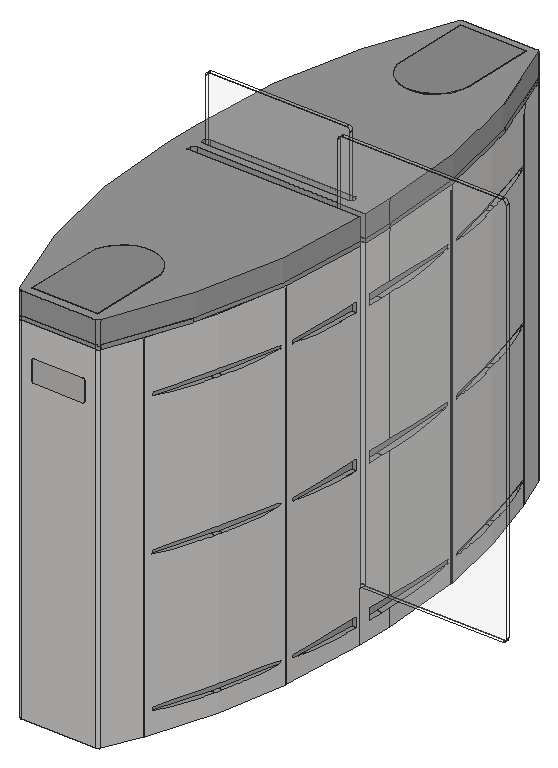
Revit family "CAME_Турникет_Скоростной_SLIDINGGATESG90_РаздвижнойБоковойМодуль", category Специальное оборудование, Revit 2019
Family settings
  Размер круглого соединителя = Использовать диаметр
  Тип детали = Нормальный
  На основе рабочей плоскости = Нет
  Всегда вертикально = Да
  При загрузке вырезать с полостями = Нет
  Общий = Нет
  Точка расчета площади = Нет
Parameters
  Описание = "Боковой модуль раздвижного турникета SLIDING GATE SG90M, оснащенный платой управления и светодиодными указателями прохода и направления. Корпус - нержавеющая сталь. Сервопозиционный электропривод створки с определением препятствий и автоматической разблокировкой при отключении электроэнергии. Створка из 10 мм закаленного стекла. Ширина прохода 900 мм. Высота створки 1200 мм. Время открытия - 1.6 сек."
  Изготовитель = "CAME"  # constant formula
  Группа модели = "Турникеты"
  Watermark [instance] = "Модели защищены уникальным кодом"
  URL = "https://camerussia.com"
  CAME_Тип механизма турникета = "моторизованный"  # constant formula
  CAME_Напряжение электропитания двигателя (В) = 24 V  # constant formula
  CAME_Максимальное количество проходов в минуту = "25"  # constant formula
  CAME_Класс защиты (IP) = "44"  # constant formula
  CAME_Интенсивность использования (%) = "ИНТЕНСИВНОЕ"  # constant formula
  CAME_Диапазон рабочих температур (°C) = "-20 ÷ +68"  # constant formula
  CAME_Время открывания (с) = "1.6"  # constant formula
  BL_Разработано = "support@bimlib.pro"  # constant formula
  BL_Email = "cru.info@came.com"  # constant formula
  BL_BIM library = "https://bimlib.pro/manufacturer/came/cf0b6efe-31e5-4ffa-b7ea-1d6fa84041d4/?tab=products"
  ADSK_Размер_Ширина = 895 mm  # constant formula
  ADSK_Размер_Глубина = 1465 mm  # constant formula
  ADSK_Размер_Высота = 1030 mm  # constant formula
  ADSK_Полная мощность = ADSK_Номинальная мощность / ADSK_Коэффициент мощности  # 40.625 VA
  ADSK_Обозначение = "ТУ 26.30.50-001-89603926-2021"  # constant formula
  ADSK_Номинальная мощность = 39 W  # constant formula
  ADSK_Напряжение = 230 V  # constant formula
  ADSK_Наименование краткое = "Бок. модуль турникета SLIDING GATE SG90M, 900 мм, левый или правый"  # constant formula
  ADSK_Наименование = "Боковой модуль высокоинтенсивного скоростного раздвижного турникета SLIDING GATE SG90M, ширина прохода 900 мм, левый или правый"  # constant formula
  ADSK_Масса_Текст = ""
  ADSK_Масса = 0
  ADSK_Марка = "АРТ:001SG90MS"  # constant formula
  ADSK_Коэффициент мощности = 0.96
  ADSK_Количество фаз = 1  # constant formula
  ADSK_Количество = 1  # constant formula
  ADSK_Код изделия = "Код КСР 26.30.50.119.61.2.07.09"  # constant formula
  ADSK_Классификация нагрузок = Прочее
  ADSK_Завод-изготовитель = "CAME"  # constant formula
  ADSK_Единица измерения = "шт."  # constant formula
  ADSK_Группирование = "SLIDING GATE"  # constant formula
  ADSK_Версия семейства = "1.0"  # constant formula
  ADSK_Версия Revit = "2019"  # constant formula
  ADSK_URL страницы изделия = "https://camerussia.com/product/001sg90ms/"
  ADSK_URL документации изделия = "https://camerussia.com/uploads/support/instructions/files/Инструкция%20Sliding%20Gate%20SG55-SG90.pdf"
Reference planes
  plane 1 "По центру (Вперед/Назад)": y = 0
  plane 2: z = 0
  plane 3 "По центру (Влево/Вправо)": x = 0
  plane 4: y = 732.5
  plane 5: y = -732.5
  plane 6: z = 1030
  plane 7: x = -105
  plane 8: x = 105
  plane 9: x = -105
  plane 10: x = 105
  plane 11: y = 100
  plane 12: y = -100
  plane 13: z = 15
  plane 14: z = 960
  plane 15: z = 70
  plane 16: z = 445
  plane 17: z = 820
  plane 18: y = 632.5
  plane 19: y = -632.5
  plane 20: z = 1200
  plane 21: z = 145
  plane 22: y = 275
  plane 23: y = -275
  plane 24: y = 50
  plane 25: y = -50
  plane 26: x = 640
  plane 27: x = -255
  plane 28: x = 255
Forms (mm)
  Extrusion 1, solid, material "CAME_Сталь_Нержавеющая_AISI 304", detail levels medium
    sketch origin (0, 0, 0) x (1, 0, 0) y (0, 1, 0)
      loop
        arc (-105, 732.5) -> (-217.058, 399.395) -> (-255, 50) r 1627.688
        line (-255, 50) -> (-255, -50)
        arc (-255, -50) -> (-217.058, -399.395) -> (-105, -732.5) r 1627.688
        line (-105, -732.5) -> (105, -732.5)
        arc (105, -732.5) -> (217.058, -399.395) -> (255, -50) r 1627.688
        line (255, -50) -> (255, 50)
        arc (255, 50) -> (217.058, 399.395) -> (105, 732.5) r 1627.688
        line (105, 732.5) -> (-105, 732.5)
    from 0 to 1030
  Extrusion 2, solid, material "CAME_Камень_Гранитный_SGL01", detail levels fine
    sketch origin (-925.693, -1524, 1030) x (-1, 0, 0) y (0, -1, 0)
      loop
        arc (-818.009, -797.343) -> (-821.699, -793.087) -> (-827.104, -791.5) r 10
        line (-827.104, -791.5) -> (-1024.283, -791.5)
        arc (-1024.283, -791.5) -> (-1029.688, -793.087) -> (-1033.378, -797.343) r 10
        arc (-1033.378, -797.343) -> (-1143.438, -1127.746) -> (-1180.693, -1474) r 1627.687
        line (-1180.693, -1474) -> (-1180.693, -1574)
        arc (-1180.693, -1574) -> (-1143.438, -1920.254) -> (-1033.378, -2250.657) r 1627.687
        arc (-1033.378, -2250.657) -> (-1029.688, -2254.913) -> (-1024.283, -2256.5) r 10
        line (-1024.283, -2256.5) -> (-827.104, -2256.5)
        arc (-827.104, -2256.5) -> (-821.699, -2254.913) -> (-818.009, -2250.657) r 10
        arc (-818.009, -2250.657) -> (-707.949, -1920.254) -> (-670.693, -1574) r 1627.687
        line (-670.693, -1574) -> (-670.693, -1474)
        arc (-670.693, -1474) -> (-707.949, -1127.746) -> (-818.009, -797.343) r 1627.687
    from 0 to -60
  Extrusion 3, solid, material "CAME_Стекло_Закаленное", detail levels fine
    sketch origin (0, 0, 0) x (1, 0, 0) y (0, 0, 1)
      loop
        arc (-182.5, 1200) -> (-189.571, 1197.071) -> (-192.5, 1190) r 10
        line (-192.5, 1190) -> (-192.5, 960) -> (192.5, 960) -> (192.5, 1190)
        arc (192.5, 1190) -> (189.571, 1197.071) -> (182.5, 1200) r 10
        line (182.5, 1200) -> (-182.5, 1200)
    from -5 to 5
  Extrusion 4, solid, material "CAME_Стекло_Закаленное_Черное", detail levels medium+fine
    sketch origin (-925.693, -1524, 1030) x (-1, 0, 0) y (0, -1, 0)
      loop
        line (-838.193, -811.5) -> (-1013.193, -811.5) -> (-1013.193, -1004)
        arc (-1013.193, -1004) -> (-925.693, -1091.5) -> (-838.193, -1004) r 87.5
        line (-838.193, -1004) -> (-838.193, -811.5)
      loop
        line (-838.193, -2236.5) -> (-838.193, -2044)
        arc (-838.193, -2044) -> (-925.693, -1956.5) -> (-1013.193, -2044) r 87.5
        line (-1013.193, -2044) -> (-1013.193, -2236.5) -> (-838.193, -2236.5)
    from 0 to 2
  Extrusion 5, solid, material "CAME_Стекло_Закаленное_Черное", detail levels medium+fine
    sketch origin (866.16, -732.5, 1200) x (1, 0, 0) y (0, 0, 1)
      loop
        arc (-931.16, -320) -> (-934.695, -321.464) -> (-936.16, -325) r 5
        line (-936.16, -325) -> (-936.16, -375)
        arc (-936.16, -375) -> (-934.695, -378.536) -> (-931.16, -380) r 5
        line (-931.16, -380) -> (-801.16, -380)
        arc (-801.16, -380) -> (-797.624, -378.536) -> (-796.16, -375) r 5
        line (-796.16, -375) -> (-796.16, -325)
        arc (-796.16, -325) -> (-797.624, -321.464) -> (-801.16, -320) r 5
        line (-801.16, -320) -> (-931.16, -320)
    from 0 to 2
  Extrusion 6, solid, material "CAME_Стекло_Закаленное_Черное", detail levels medium+fine
    sketch origin (-872.529, 732.5, 1200) x (-1, 0, 0) y (0, 0, 1)
      loop
        arc (-937.529, -320) -> (-941.064, -321.464) -> (-942.529, -325) r 5
        line (-942.529, -325) -> (-942.529, -375)
        arc (-942.529, -375) -> (-941.064, -378.536) -> (-937.529, -380) r 5
        line (-937.529, -380) -> (-807.529, -380)
        arc (-807.529, -380) -> (-803.993, -378.536) -> (-802.529, -375) r 5
        line (-802.529, -375) -> (-802.529, -325)
        arc (-802.529, -325) -> (-803.993, -321.464) -> (-807.529, -320) r 5
        line (-807.529, -320) -> (-937.529, -320)
    from 0 to 2
  Extrusion 7, solid, material "CAME_Сталь_Нержавеющая_AISI 304", detail levels fine
    sketch origin (0, 0, 0) x (1, 0, 0) y (0, 1, 0)
      loop
        circle (200, -275) r 25
      loop
        circle (-200, -275) r 25
      loop
        circle (200, 275) r 25
      loop
        circle (-200, 275) r 25
      loop
        circle (0, -682.5) r 25
      loop
        circle (0, 682.5) r 25
    from 0 to 15
  Extrusion 8, solid, material "Воздух", detail levels fine
    sketch origin (349.639, -1524, 960) x (0, -1, 0) y (-1, 0, 0)
      loop
        line (-2256.5, 448.228) -> (-2256.5, 251.049)
        arc (-2256.5, 251.049) -> (-2254.913, 245.644) -> (-2250.657, 241.954) r 10
        arc (-2250.657, 241.954) -> (-1920.254, 131.894) -> (-1574, 94.639) r 1627.687
        line (-1574, 94.639) -> (-1474, 94.639)
        arc (-1474, 94.639) -> (-1127.746, 131.894) -> (-797.343, 241.954) r 1627.687
        arc (-797.343, 241.954) -> (-793.087, 245.644) -> (-791.5, 251.049) r 10
        line (-791.5, 251.049) -> (-791.5, 448.228)
        arc (-791.5, 448.228) -> (-793.087, 453.633) -> (-797.343, 457.323) r 10
        arc (-797.343, 457.323) -> (-1127.746, 567.383) -> (-1474, 604.639) r 1627.687
        line (-1474, 604.639) -> (-1574, 604.639)
        arc (-1574, 604.639) -> (-1920.254, 567.383) -> (-2250.657, 457.323) r 1627.687
        arc (-2250.657, 457.323) -> (-2254.913, 453.633) -> (-2256.5, 448.228) r 10
    from -10 to 0
  Extrusion 9, solid, material "Индикатор синий", detail levels fine
    sketch origin (349.639, -1524, 960) x (0, -1, 0) y (-1, 0, 0)
      loop
        arc (-2256.5, 251.049) -> (-2254.913, 245.644) -> (-2250.657, 241.954) r 10
        arc (-2250.657, 241.954) -> (-2148.653, 199.454) -> (-2044, 163.972) r 1627.687
        line (-2044, 163.972) -> (-2044, 535.305)
        arc (-2044, 535.305) -> (-2148.653, 499.824) -> (-2250.657, 457.323) r 1627.687
        arc (-2250.657, 457.323) -> (-2254.913, 453.633) -> (-2256.5, 448.228) r 10
        line (-2256.5, 448.228) -> (-2256.5, 251.049)
      loop
        line (-791.5, 251.049) -> (-791.5, 448.228)
        arc (-791.5, 448.228) -> (-793.087, 453.633) -> (-797.343, 457.323) r 10
        arc (-797.343, 457.323) -> (-899.347, 499.824) -> (-1004, 535.305) r 1627.687
        line (-1004, 535.305) -> (-1004, 163.972)
        arc (-1004, 163.972) -> (-899.347, 199.454) -> (-797.343, 241.954) r 1627.687
        arc (-797.343, 241.954) -> (-793.087, 245.644) -> (-791.5, 251.049) r 10
    from -10 to 0
  Extrusion 10, void
    sketch origin (-925.693, -1524, 1030) x (-1, 0, 0) y (0, -1, 0)
      loop
        line (-720.693, -1474) -> (-1180.693, -1474) -> (-1180.693, -1494) -> (-730.693, -1494)
        arc (-730.693, -1494) -> (-723.622, -1491.071) -> (-720.693, -1484) r 10
        line (-720.693, -1484) -> (-720.693, -1474)
      loop
        arc (-733.193, -1534) -> (-723.193, -1524) -> (-733.193, -1514) r 10
        line (-733.193, -1514) -> (-1118.193, -1514)
        arc (-1118.193, -1514) -> (-1128.193, -1524) -> (-1118.193, -1534) r 10
        line (-1118.193, -1534) -> (-733.193, -1534)
    from -885 to 0
  Extrusion 11, solid, material "CAME_Стекло_Закаленное", detail levels medium
    sketch origin (0, 0, 0) x (1, 0, 0) y (0, 0, 1)
      loop
        line (-192.5, 1030) -> (192.5, 1030) -> (192.5, 1190)
        arc (192.5, 1190) -> (189.571, 1197.071) -> (182.5, 1200) r 10
        line (182.5, 1200) -> (-182.5, 1200)
        arc (-182.5, 1200) -> (-189.571, 1197.071) -> (-192.5, 1190) r 10
        line (-192.5, 1190) -> (-192.5, 1030)
    from -5 to 5
  Extrusion 12, solid, material "CAME_Стекло_Закаленное", detail levels fine
    sketch origin (268.229, -50, 1200) x (1, 0, 0) y (0, 0, 1)
      loop
        arc (-65.729, 0) -> (-72.8, -2.929) -> (-75.729, -10) r 10
        line (-75.729, -10) -> (-75.729, -1055) -> (361.771, -1055)
        arc (361.771, -1055) -> (368.842, -1052.071) -> (371.771, -1045) r 10
        line (371.771, -1045) -> (371.771, -10)
        arc (371.771, -10) -> (368.842, -2.929) -> (361.771, 0) r 10
        line (361.771, 0) -> (-65.729, 0)
    from -15 to -5
  Extrusion 13, solid, material "CAME_Стекло_Закаленное", detail levels medium
    sketch origin (268.229, -50, 1200) x (1, 0, 0) y (0, 0, 1)
      loop
        line (-75.729, -10) -> (-75.729, -170) -> (-13.229, -170) -> (-13.229, -1055) -> (361.771, -1055)
        arc (361.771, -1055) -> (368.842, -1052.071) -> (371.771, -1045) r 10
        line (371.771, -1045) -> (371.771, -10)
        arc (371.771, -10) -> (368.842, -2.929) -> (361.771, 0) r 10
        line (361.771, 0) -> (-65.729, 0)
        arc (-65.729, 0) -> (-72.8, -2.929) -> (-75.729, -10) r 10
    from -15 to -5
  Extrusion 14, solid, material "CAME_Сталь_Нержавеющая_AISI 304", detail levels fine
    sketch origin (-363.045, -1524, 15) x (-1, 0, 0) y (0, -1, 0)
      loop
        line (-264.455, -791.5) -> (-461.634, -791.5)
        arc (-461.634, -791.5) -> (-467.039, -793.087) -> (-470.729, -797.343) r 10
        arc (-470.729, -797.343) -> (-490.936, -843.42) -> (-509.708, -890.1) r 1627.688
        arc (-509.708, -890.1) -> (-508.845, -892.037) -> (-510.782, -892.901) r 1.5
        arc (-510.782, -892.901) -> (-566.501, -1067.628) -> (-602.21, -1247.514) r 1627.688
        arc (-602.21, -1247.514) -> (-600.933, -1249.207) -> (-602.625, -1250.486) r 1.5
        arc (-602.625, -1250.486) -> (-614.185, -1361.977) -> (-618.045, -1474) r 1627.688
        line (-618.045, -1474) -> (-618.045, -1574)
        arc (-618.045, -1574) -> (-614.185, -1686.023) -> (-602.625, -1797.514) r 1627.688
        arc (-602.625, -1797.514) -> (-600.933, -1798.793) -> (-602.21, -1800.486) r 1.5
        arc (-602.21, -1800.486) -> (-566.501, -1980.372) -> (-510.782, -2155.099) r 1627.687
        arc (-510.782, -2155.099) -> (-508.845, -2155.963) -> (-509.708, -2157.9) r 1.5
        arc (-509.708, -2157.9) -> (-490.936, -2204.58) -> (-470.729, -2250.657) r 1627.688
        arc (-470.729, -2250.657) -> (-467.039, -2254.913) -> (-461.634, -2256.5) r 10
        line (-461.634, -2256.5) -> (-264.455, -2256.5)
        arc (-264.455, -2256.5) -> (-259.05, -2254.913) -> (-255.36, -2250.657) r 10
        arc (-255.36, -2250.657) -> (-235.154, -2204.58) -> (-216.381, -2157.9) r 1627.688
        arc (-216.381, -2157.9) -> (-217.245, -2155.963) -> (-215.308, -2155.099) r 1.5
        arc (-215.308, -2155.099) -> (-159.589, -1980.372) -> (-123.879, -1800.486) r 1627.687
        arc (-123.879, -1800.486) -> (-125.157, -1798.793) -> (-123.464, -1797.514) r 1.5
        arc (-123.464, -1797.514) -> (-111.904, -1686.023) -> (-108.045, -1574) r 1627.688
        line (-108.045, -1574) -> (-108.045, -1474)
        arc (-108.045, -1474) -> (-111.904, -1361.977) -> (-123.464, -1250.486) r 1627.688
        arc (-123.464, -1250.486) -> (-125.157, -1249.207) -> (-123.879, -1247.514) r 1.5
        arc (-123.879, -1247.514) -> (-159.589, -1067.628) -> (-215.308, -892.901) r 1627.688
        arc (-215.308, -892.901) -> (-217.245, -892.037) -> (-216.381, -890.1) r 1.5
        arc (-216.381, -890.1) -> (-235.154, -843.42) -> (-255.36, -797.343) r 1627.688
        arc (-255.36, -797.343) -> (-259.05, -793.087) -> (-264.455, -791.5) r 10
    from 945 to -5
  Extrusion 15, void
    sketch origin (237.874, 275, 15) x (-0.249662, 0.968333, 0) y (0, 0, 1)
      loop
        arc (347.979, 800.043) -> (352.326, 805) -> (347.979, 809.957) r 5
        arc (347.979, 809.957) -> (271.141, 813.739) -> (194.221, 815) r 2346.62
        line (194.221, 815) -> (174.221, 815)
        arc (174.221, 815) -> (97.301, 813.739) -> (20.463, 809.957) r 2346.62
        arc (20.463, 809.957) -> (16.116, 805) -> (20.463, 800.043) r 5
        arc (20.463, 800.043) -> (97.301, 796.261) -> (174.221, 795) r 2346.62
        line (174.221, 795) -> (194.221, 795)
        arc (194.221, 795) -> (271.141, 796.261) -> (347.979, 800.043) r 2346.62
      loop
        arc (347.979, 425.043) -> (352.326, 430) -> (347.979, 434.957) r 5
        arc (347.979, 434.957) -> (271.141, 438.739) -> (194.221, 440) r 2346.62
        line (194.221, 440) -> (174.221, 440)
        arc (174.221, 440) -> (97.301, 438.739) -> (20.463, 434.957) r 2346.62
        arc (20.463, 434.957) -> (16.116, 430) -> (20.463, 425.043) r 5
        arc (20.463, 425.043) -> (97.301, 421.261) -> (174.221, 420) r 2346.62
        line (174.221, 420) -> (194.221, 420)
        arc (194.221, 420) -> (271.141, 421.261) -> (347.979, 425.043) r 2346.62
      loop
        arc (347.979, 50.043) -> (352.326, 55) -> (347.979, 59.957) r 5
        arc (347.979, 59.957) -> (271.141, 63.739) -> (194.221, 65) r 2346.62
        line (194.221, 65) -> (174.221, 65)
        arc (174.221, 65) -> (97.301, 63.739) -> (20.463, 59.957) r 2346.62
        arc (20.463, 59.957) -> (16.116, 55) -> (20.463, 50.043) r 5
        arc (20.463, 50.043) -> (97.301, 46.261) -> (174.221, 45) r 2346.62
        line (174.221, 45) -> (194.221, 45)
        arc (194.221, 45) -> (271.141, 46.261) -> (347.979, 50.043) r 2346.62
    from 0 to 15
  Extrusion 16, void
    sketch origin (237.874, -275, 15) x (-0.249662, -0.968333, 0) y (0, 0, -1)
      loop
        arc (347.979, -800.043) -> (271.141, -796.261) -> (194.221, -795) r 2346.62
        line (194.221, -795) -> (174.221, -795)
        arc (174.221, -795) -> (97.301, -796.261) -> (20.463, -800.043) r 2346.62
        arc (20.463, -800.043) -> (16.116, -805) -> (20.463, -809.957) r 5
        arc (20.463, -809.957) -> (97.301, -813.739) -> (174.221, -815) r 2346.62
        line (174.221, -815) -> (194.221, -815)
        arc (194.221, -815) -> (271.141, -813.739) -> (347.979, -809.957) r 2346.62
        arc (347.979, -809.957) -> (352.326, -805) -> (347.979, -800.043) r 5
      loop
        arc (347.979, -425.043) -> (271.141, -421.261) -> (194.221, -420) r 2346.62
        line (194.221, -420) -> (174.221, -420)
        arc (174.221, -420) -> (97.301, -421.261) -> (20.463, -425.043) r 2346.62
        arc (20.463, -425.043) -> (16.116, -430) -> (20.463, -434.957) r 5
        arc (20.463, -434.957) -> (97.301, -438.739) -> (174.221, -440) r 2346.62
        line (174.221, -440) -> (194.221, -440)
        arc (194.221, -440) -> (271.141, -438.739) -> (347.979, -434.957) r 2346.62
        arc (347.979, -434.957) -> (352.326, -430) -> (347.979, -425.043) r 5
      loop
        arc (347.979, -50.043) -> (271.141, -46.261) -> (194.221, -45) r 2346.62
        line (194.221, -45) -> (174.221, -45)
        arc (174.221, -45) -> (97.301, -46.261) -> (20.463, -50.043) r 2346.62
        arc (20.463, -50.043) -> (16.116, -55) -> (20.463, -59.957) r 5
        arc (20.463, -59.957) -> (97.301, -63.739) -> (174.221, -65) r 2346.62
        line (174.221, -65) -> (194.221, -65)
        arc (194.221, -65) -> (271.141, -63.739) -> (347.979, -59.957) r 2346.62
        arc (347.979, -59.957) -> (352.326, -55) -> (347.979, -50.043) r 5
    from 0 to 15
  Extrusion 17, void
    sketch origin (255, 848.351, 1200) x (0, 1, 0) y (0, 0, 1)
      loop
        arc (-1103.987, -375.041) -> (-1108.351, -380) -> (-1103.987, -384.959) r 5
        arc (-1103.987, -384.959) -> (-1006.255, -391.565) -> (-908.351, -394.711) r 2769.999
        line (-908.351, -394.711) -> (-908.351, -365.289)
        arc (-908.351, -365.289) -> (-1006.255, -368.435) -> (-1103.987, -375.041) r 2769.999
      loop
        arc (-592.7, -375.042) -> (-707.916, -367.512) -> (-823.351, -365) r 2653.749
        line (-823.351, -365) -> (-868.351, -365) -> (-868.351, -395) -> (-823.351, -395)
        arc (-823.351, -395) -> (-707.916, -392.488) -> (-592.7, -384.958) r 2653.749
        arc (-592.7, -384.958) -> (-588.351, -380) -> (-592.7, -375.042) r 5
      loop
        arc (-1103.987, -750.041) -> (-1108.351, -755) -> (-1103.987, -759.959) r 5
        arc (-1103.987, -759.959) -> (-1006.255, -766.565) -> (-908.351, -769.711) r 2769.999
        line (-908.351, -769.711) -> (-908.351, -740.289)
        arc (-908.351, -740.289) -> (-1006.255, -743.435) -> (-1103.987, -750.041) r 2769.999
      loop
        arc (-592.7, -750.042) -> (-707.916, -742.512) -> (-823.351, -740) r 2653.749
        line (-823.351, -740) -> (-868.351, -740) -> (-868.351, -770) -> (-823.351, -770)
        arc (-823.351, -770) -> (-707.916, -767.488) -> (-592.7, -759.958) r 2653.749
        arc (-592.7, -759.958) -> (-588.351, -755) -> (-592.7, -750.042) r 5
      loop
        arc (-1103.987, -1125.041) -> (-1108.351, -1130) -> (-1103.987, -1134.959) r 5
        arc (-1103.987, -1134.959) -> (-1006.255, -1141.565) -> (-908.351, -1144.711) r 2769.999
        line (-908.351, -1144.711) -> (-908.351, -1115.289)
        arc (-908.351, -1115.289) -> (-1006.255, -1118.435) -> (-1103.987, -1125.041) r 2769.999
      loop
        arc (-592.7, -1125.042) -> (-707.916, -1117.512) -> (-823.351, -1115) r 2653.749
        line (-823.351, -1115) -> (-868.351, -1115) -> (-868.351, -1145) -> (-823.351, -1145)
        arc (-823.351, -1145) -> (-707.916, -1142.488) -> (-592.7, -1134.958) r 2653.749
        arc (-592.7, -1134.958) -> (-588.351, -1130) -> (-592.7, -1125.042) r 5
    from 1 to -15
Cuts and joins
  Extrusion 10 cuts Extrusion 2
  Extrusion 10 cuts Extrusion 8
  Extrusion 10, Extrusion 15, Extrusion 16, Extrusion 17 cuts Extrusion 14
Lines and regions (mm)
  model lines, style "CAME", detail levels coarse
    curve 1: line (-105, 732.5, 0) -> (105, 732.5, 0)
    curve 2: line (-255, -50, 0) -> (-255, 50, 0)
    curve 3: line (105, -732.5, 0) -> (-105, -732.5, 0)
    curve 4: line (255, 50, 0) -> (255, -50, 0)
    curve 5: line (255, -50, 0) -> (640, -50, 0)
    curve 7: arc (105, 732.5, 0) -> (217.058, 399.395, 0) -> (255, 50, 0) r 1627.688
    curve 8: arc (-105, 732.5, 0) -> (-217.058, 399.395, 0) -> (-255, 50, 0) r 1627.688
    curve 9: arc (105, -732.5, 0) -> (217.058, -399.395, 0) -> (255, -50, 0) r 1627.688
    curve 10: arc (-105, -732.5, 0) -> (-217.058, -399.395, 0) -> (-255, -50, 0) r 1627.688
  reference lines
    curve 6: line (237.874, 275, 15) -> (145.701, 632.5, 15)
Dimensions and locks
  equal spacing: plane 5, plane 1 "По центру (Вперед/Назад)", plane 4
  "ADSK_Размер_Глубина": plane 5 to plane 4
  "ADSK_Размер_Высота": plane 6 to plane 2
  plane 7 to plane 3 "По центру (Влево/Вправо)" to plane 8 = 105 mm locked, 105 mm locked
  plane 9 to plane 3 "По центру (Влево/Вправо)" to plane 10 = 105 mm locked, 105 mm locked
  plane 11 to plane 1 "По центру (Вперед/Назад)" to plane 12 = 100 mm locked, 100 mm locked
  locked: plane 13 to plane 2 at 15
  locked: plane 6 to plane 14 at 70
  plane 17 to plane 16 to plane 15 to plane 2 = 375 mm locked, 375 mm locked, 70 mm locked
  locked: plane 5 to plane 19 at 100
  locked: plane 18 to plane 4 at 100
  plane 5 to Extrusion 4 sketch curve to Extrusion 4 sketch curve = 20 mm locked, 192.5 mm locked
  Extrusion 4 sketch curve to plane 3 "По центру (Влево/Вправо)" to Extrusion 4 sketch curve = 87.5 mm locked, 87.5 mm locked
  plane 4 to Extrusion 4 sketch curve to Extrusion 4 sketch curve = 20 mm locked, 192.5 mm locked
  plane 6 to Extrusion 5 sketch curve to Extrusion 5 sketch curve = 150 mm locked, 60 mm locked
  Extrusion 5 sketch curve to plane 3 "По центру (Влево/Вправо)" to Extrusion 5 sketch curve = 70 mm locked, 70 mm locked
  locked: plane 20 to plane 2 at 1200
  locked: plane 21 to plane 2 at 145
  plane 22 to plane 1 "По центру (Вперед/Назад)" to plane 23 = 275 mm locked, 275 mm locked
  plane 25 to plane 1 "По центру (Вперед/Назад)" to plane 24 = 50 mm locked, 50 mm locked
  Extrusion 10 sketch curve to plane 1 "По центру (Вперед/Назад)" to Extrusion 10 sketch curve = 10 mm locked, 10 mm locked
  Extrusion 10 sketch curve to plane 3 "По центру (Влево/Вправо)" to Extrusion 10 sketch curve = 192.5 mm locked, 192.5 mm locked
  Extrusion 3 sketch curve to plane 3 "По центру (Влево/Вправо)" to Extrusion 3 sketch curve = 192.5 mm locked, 192.5 mm locked
  plane 27 to plane 3 "По центру (Влево/Вправо)" to plane 28 = 255 mm locked, 255 mm locked
  locked: plane 5 to Extrusion 7 sketch curve at 50
  locked: plane 4 to Extrusion 7 sketch curve at 50
  Extrusion 7 sketch curve to plane 3 "По центру (Влево/Вправо)" to Extrusion 7 sketch curve = 200 mm locked, 200 mm locked  (x2)
  "ADSK_Размер_Ширина": plane 27 to plane 26
  radius of Extrusion 5 sketch curve = 5 mm  (x4)
  radius of Extrusion 10 sketch curve = 10 mm
  radius of Extrusion 12 sketch curve = 10 mm  (x3)
  radius of Extrusion 14 sketch curve = 10 mm  (x4)
  aligned and locked: level to plane 2
  aligned and locked: Extrusion 1 sketch curve to plane 4
  aligned and locked: plane 5 to Extrusion 1 sketch curve
  aligned and locked: plane 6 to Extrusion 1
  aligned and locked: curve 1 to plane 4
  aligned and locked: curve 3 to plane 5
  aligned and locked: Extrusion 4 sketch curve to Extrusion 4 sketch curve  (x2)
  aligned and locked: Extrusion 6 sketch curve to Extrusion 5  (x4)
  aligned and locked: plane 25 to Extrusion 10 sketch curve
  aligned and locked: Extrusion 10 to plane 21
  aligned and locked: plane 6 to Extrusion 10
  aligned and locked: Extrusion 3 sketch curve to plane 14
  aligned and locked: Extrusion 3 sketch curve to plane 20
  aligned and locked: Extrusion 11 sketch curve to Extrusion 3  (x2)
  aligned and locked: plane 6 to Extrusion 11 sketch curve
  aligned and locked: Extrusion 12 sketch curve to plane 26
  aligned and locked: Extrusion 12 sketch curve to Extrusion 11
  aligned and locked: Extrusion 12 sketch curve to plane 20
  aligned and locked: Extrusion 12 sketch curve to plane 21
  aligned and locked: Extrusion 13 sketch curve to Extrusion 12  (x3)
  aligned and locked: Extrusion 12 to Extrusion 13 sketch curve
  aligned and locked: Extrusion 13 sketch curve to plane 6
  aligned and locked: plane 26 to curve 5
  aligned and locked: plane 25 to curve 5
  aligned and locked: Extrusion 8 sketch curve to cut or joined group of Extrusion 2, Extrusion 10  (x8)
  aligned and locked: Extrusion 9 sketch curve to cut or joined group of Extrusion 8, Extrusion 10  (x8)
  aligned and locked: Extrusion 1 sketch curve to plane 28
  aligned and locked: Extrusion 1 sketch curve to plane 27
  aligned and locked: plane 28 to Extrusion 10 sketch curve
  aligned and locked: plane 28 to Extrusion 13 sketch curve
  aligned and locked: Extrusion 14 sketch curve to plane 4
  aligned and locked: Extrusion 14 sketch curve to plane 24
  aligned and locked: Extrusion 14 sketch curve to plane 25
  aligned and locked: plane 5 to Extrusion 14 sketch curve
  aligned and locked: Extrusion 14 to plane 14
  aligned and locked: plane 3 "По центру (Влево/Вправо)" to Extrusion 7 sketch curve  (x2)
  aligned and locked: plane 23 to Extrusion 7 sketch curve  (x2)
  aligned and locked: plane 22 to Extrusion 7 sketch curve  (x2)
  aligned and locked: curve 2 to plane 27
  aligned and locked: curve 4 to plane 28
  aligned and locked: plane 9 to curve 10
  aligned and locked: plane 10 to curve 9
  aligned and locked: plane 24 to curve 7
  aligned and locked: curve 10 to plane 25
  aligned and locked: plane 9 to curve 8
  aligned and locked: plane 10 to curve 7
  aligned and locked: plane 27 to Extrusion 14 sketch curve
  aligned and locked: Extrusion 14 sketch curve to plane 28
  aligned and locked: plane 24 to Extrusion 14 sketch curve
  aligned and locked: plane 25 to Extrusion 14 sketch curve
  aligned and locked: plane 18 to Extrusion 14 sketch curve
  aligned and locked: plane 22 to Extrusion 14 sketch curve
  aligned and locked: plane 23 to Extrusion 14 sketch curve
  aligned and locked: plane 19 to Extrusion 14 sketch curve
Automatic sketch dimensions
  Extrusion 1 sketch curve to plane 24 = 0 mm
  Extrusion 1 sketch curve to plane 25 = 0 mm
  Extrusion 1 sketch curve to plane 7 = 0 mm  (x2)
  Extrusion 1 sketch curve to plane 8 = 0 mm  (x2)
  plane 25 to Extrusion 1 sketch curve = 0 mm
  plane 24 to Extrusion 1 sketch curve = 0 mm
  Extrusion 3 sketch curve to Extrusion 3 sketch curve = 10 mm  (x2)
  Extrusion 9 sketch curve to plane 28 = 69.334 mm  (x2)
  curve 6 to plane 22 = 0 mm
  plane 18 to curve 6 = 0 mm
  curve 6 to plane 28 = 17.126 mm
  curve 6 to plane 10 = 40.701 mm
  curve 6 to Extrusion 15 sketch curve = 21.116 mm  (x3)
  Extrusion 15 sketch curve to curve 6 = 65 mm
  Extrusion 15 sketch curve to Extrusion 15 sketch curve = 153.105 mm
  curve 6 to Extrusion 15 sketch curve = 174.221 mm  (x2)
  Extrusion 15 sketch curve to Extrusion 15 sketch curve = 0 mm  (x11)
  Extrusion 15 sketch curve to Extrusion 15 sketch curve = 20 mm  (x9)
  Extrusion 15 sketch curve to curve 6 = 21.865 mm  (x3)
  curve 6 to Extrusion 15 sketch curve = 55 mm
  Extrusion 15 sketch curve to curve 6 = 55 mm
  Extrusion 15 sketch curve to curve 6 = 1531.62 mm
  Extrusion 15 sketch curve to curve 6 = 1906.62 mm
  Extrusion 15 sketch curve to curve 6 = 2281.62 mm
  curve 6 to Extrusion 15 sketch curve = 420 mm
  curve 6 to Extrusion 15 sketch curve = 430 mm
  Extrusion 15 sketch curve to Extrusion 15 sketch curve = 10 mm  (x2)
  curve 6 to Extrusion 15 sketch curve = 795 mm
  curve 6 to Extrusion 15 sketch curve = 805 mm
  curve 6 to Extrusion 15 sketch curve = 2391.62 mm
  curve 6 to Extrusion 15 sketch curve = 2766.62 mm
  curve 6 to Extrusion 15 sketch curve = 3141.62 mm
  Extrusion 15 sketch curve to Extrusion 15 sketch curve = 0.652 mm  (x6)
  plane 17 to Extrusion 16 sketch curve = 0 mm  (x2)
  plane 16 to Extrusion 16 sketch curve = 0 mm  (x2)
  plane 15 to Extrusion 16 sketch curve = 0 mm  (x2)
  Extrusion 16 sketch curve to Extrusion 16 sketch curve = 0 mm  (x14)
  Extrusion 16 sketch curve to plane 15 = 10 mm
  Extrusion 16 sketch curve to Extrusion 16 sketch curve = 153.105 mm  (x5)
  plane 15 to Extrusion 16 sketch curve = 10 mm
  Extrusion 16 sketch curve to Extrusion 16 sketch curve = 20 mm  (x7)
  plane 17 to Extrusion 16 sketch curve = 10 mm
  Extrusion 16 sketch curve to plane 17 = 10 mm
  plane 20 to Extrusion 16 sketch curve = 1206.62 mm
  Extrusion 16 sketch curve to Extrusion 16 sketch curve = 375 mm  (x4)
  Extrusion 16 sketch curve to plane 16 = 10 mm
  Extrusion 16 sketch curve to level = 1516.62 mm
  plane 15 to Extrusion 16 sketch curve = 4.957 mm  (x2)
  Extrusion 16 sketch curve to plane 16 = 4.957 mm  (x2)
  Extrusion 16 sketch curve to plane 17 = 4.957 mm
  plane 17 to Extrusion 16 sketch curve = 4.957 mm
  plane 17 to Extrusion 17 sketch curve = 0 mm  (x2)
  plane 15 to Extrusion 17 sketch curve = 0 mm  (x2)
  plane 16 to Extrusion 17 sketch curve = 0 mm  (x2)
  Extrusion 17 sketch curve to plane 23 = 20 mm  (x3)
  plane 25 to Extrusion 17 sketch curve = 10 mm  (x3)
  plane 1 "По центру (Вперед/Назад)" to Extrusion 17 sketch curve = 20 mm  (x9)
  Extrusion 17 sketch curve to plane 1 "По центру (Вперед/Назад)" = 25 mm  (x6)
  Extrusion 17 sketch curve to plane 22 = 20 mm  (x3)
  plane 15 to Extrusion 17 sketch curve = 14.711 mm
  plane 15 to Extrusion 17 sketch curve = 15 mm
  Extrusion 17 sketch curve to level = 1818.749 mm
  Extrusion 17 sketch curve to Extrusion 17 sketch curve = 116.25 mm  (x6)
  Extrusion 17 sketch curve to Extrusion 17 sketch curve = 258.75 mm  (x4)
  Extrusion 17 sketch curve to Extrusion 17 sketch curve = 29.422 mm  (x3)
  Extrusion 17 sketch curve to Extrusion 17 sketch curve = 30 mm  (x3)
  plane 16 to Extrusion 17 sketch curve = 15 mm
  plane 16 to Extrusion 17 sketch curve = 14.711 mm
  plane 17 to Extrusion 17 sketch curve = 15 mm
  plane 17 to Extrusion 17 sketch curve = 14.711 mm
  plane 20 to Extrusion 17 sketch curve = 1508.749 mm
  Extrusion 17 sketch curve to plane 16 = 4.959 mm
  Extrusion 17 sketch curve to plane 17 = 4.959 mm
  Extrusion 17 sketch curve to plane 15 = 4.959 mm
  Extrusion 17 sketch curve to Extrusion 17 sketch curve = 0.65 mm
  Extrusion 17 sketch curve to plane 15 = 4.958 mm
  plane 16 to Extrusion 17 sketch curve = 4.958 mm
  Extrusion 17 sketch curve to Extrusion 17 sketch curve = 0 mm
  Extrusion 10 sketch curve to Extrusion 10 sketch curve = 2.5 mm
  Extrusion 10 sketch curve to Extrusion 10 sketch curve = 20 mm
  plane 24 to curve 8 = 0 mm
  Extrusion 14 sketch curve to Extrusion 14 sketch curve = 0 mm  (x21)
  plane 18 to Extrusion 14 sketch curve = 0 mm
  plane 19 to Extrusion 14 sketch curve = 0 mm
  Extrusion 14 sketch curve to plane 23 = 0 mm
  Extrusion 14 sketch curve to plane 22 = 0 mm
  Extrusion 14 sketch curve to plane 26 = 732.688 mm
  Extrusion 14 sketch curve to plane 28 = 15.626 mm  (x2)
  Extrusion 14 sketch curve to plane 10 = 42.201 mm  (x2)
  plane 10 to Extrusion 14 sketch curve = 6.41 mm  (x2)
  plane 9 to Extrusion 14 sketch curve = 6.41 mm  (x2)
  Extrusion 14 sketch curve to plane 9 = 42.201 mm  (x2)
  Extrusion 14 sketch curve to plane 27 = 15.626 mm  (x2)
  Extrusion 14 sketch curve to Extrusion 14 sketch curve = 1117.688 mm
  Extrusion 14 sketch curve to plane 22 = 1.486 mm
  Extrusion 14 sketch curve to plane 23 = 1.486 mm
  plane 23 to Extrusion 14 sketch curve = 1.486 mm  (x2)
  plane 22 to Extrusion 14 sketch curve = 1.486 mm  (x2)
  plane 18 to Extrusion 14 sketch curve = 1.401 mm  (x2)
  Extrusion 14 sketch curve to plane 19 = 1.401 mm  (x2)
  plane 19 to Extrusion 14 sketch curve = 1.4 mm  (x2)
  Extrusion 14 sketch curve to plane 18 = 1.4 mm  (x2)
  radius of Extrusion 7 sketch curve = 25 mm  (x6)
Connectors
  electrical at (0, 0, 0), driven by "ADSK_Количество фаз", driven by "ADSK_Напряжение", driven by "ADSK_Полная мощность", driven by "ADSK_Коэффициент мощности"
    settings: on Extrusion 1, index 1, voltage 230 V, apparent load 0 VA, apparent load phase1 40.625 VA, apparent load phase2 0 VA, apparent load phase3 0 VA, power factor 0.96, load classification "Прочее", number of poles 1, system type 31, power factor state 1, is connector primary yes, connector utility no, sub classification motor no, connector description ""
